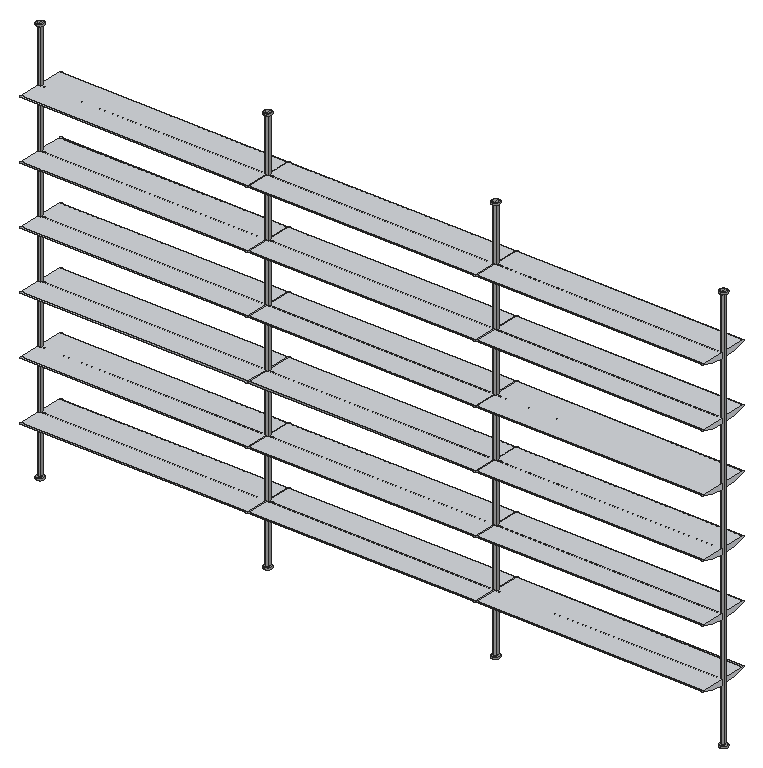
Revit family "Sailor_Composizione_5", category Arredi, Revit 2017
Family settings
  Numero OmniClass = 23.40.20.00
  Titolo OmniClass = General Furniture and Specialties
  Basato su piano di lavoro = No
  Sempre verticale = Sì
  Taglio con vuoti quando caricato = No
  Condiviso = No
  Punto di calcolo locali = No
Parameters
  VisibModulo4 = no
  VisibModulo3 = yes
  VisibModulo2 = yes
  URL = "www.livingdivani.it"
  Produttore = "Living Divani"
  Modello = "Sailor"
  Lunghezza Modulo 3 = 1500 mm
  Lunghezza Modulo 2 = 1500 mm
  Lunghezza Modulo 4 = 900 mm
  Lunghezza Modulo 1 = 1500 mm
Reference planes
  plane 1 "Centro (Fronte/Retro)": y = 0
  plane 2: z = 0
  plane 3 "Centro (Sinistra/Destra)": x = 0
Dimensions and locks
  aligned and locked: level to plane 2
  aligned and locked: nested 2 to nested 1
  aligned and locked: nested 3 to nested 2
  aligned and locked: nested 2 to nested 3
  aligned and locked: nested 4 to nested 3
  aligned and locked: nested 3 to nested 4
Nested families
  nested 1: "Sailor_Modulo_Base" at (0, 0, 0), LunghezzaRipiano <- "Lunghezza Modulo 1", type "Primo Modulo"
    with VisibRipiano6 yes, VisibRipiano5 yes, VisibRipiano4 yes, VisibRipiano3 yes, VisibRipiano2 yes, VisibRipiano1 yes, LunghezzaRipiano 1500 mm
  nested 2: "Sailor_Modulo_Base" at (1500, 0, 0), LunghezzaRipiano <- "Lunghezza Modulo 2", visible <- "VisibModulo2", type "Secondo Modulo"
    with VisibRipiano6 yes, VisibRipiano5 yes, VisibRipiano4 yes, VisibRipiano3 yes, VisibRipiano2 yes, VisibRipiano1 yes, LunghezzaRipiano 1500 mm, PrimaAsta no
  nested 3: "Sailor_Modulo_Base" at (3000, 0, 0), LunghezzaRipiano <- "Lunghezza Modulo 3", visible <- "VisibModulo3", type "Terzo Modulo"
    with VisibRipiano6 yes, VisibRipiano5 yes, VisibRipiano4 yes, VisibRipiano3 yes, VisibRipiano2 yes, VisibRipiano1 yes, LunghezzaRipiano 1500 mm, PrimaAsta no
  nested 4: "Sailor_Modulo_Base" at (4500, 0, 0), LunghezzaRipiano <- "Lunghezza Modulo 4", visible <- "VisibModulo4", type "Quarto Modulo"
    with VisibRipiano6 yes, VisibRipiano5 yes, VisibRipiano4 yes, VisibRipiano3 yes, VisibRipiano2 yes, VisibRipiano1 yes, LunghezzaRipiano 900 mm, PrimaAsta no
Definition of nested family "Sailor_Modulo_Base"
  Parameters (values of type "Sailor_Modulo_Base")
    VisibRipiano6 [instance] = yes
    VisibRipiano5 [instance] = yes
    VisibRipiano4 [instance] = yes
    VisibRipiano3 [instance] = yes
    VisibRipiano1 [instance] = yes
    VisibRipiano2 [instance] = yes
    Ripiano = none
    PrimaAsta = yes
    Aste = none
    LunghezzaRipiano [instance] = 750 mm
  Reference planes
    plane 1 "Centro (Fronte/Retro)": y = 0
    plane 2: z = 0
    plane 3 "Centro (Sinistra/Destra)": x = 0
    plane 4: y = 0
    plane 5 "Lunghezza Ripiano": x = 750
    plane 6 "primo ripiano": z = 383
    plane 7: y = 0
    plane 8: y = 0
    plane 9: y = 0
    plane 10: y = 0
    plane 11: y = 0
  Forms (mm)
    Extrusion 1, solid, material <- "Aste", visible <- "PrimaAsta"
      sketch origin (0, 0, 0) x (1, 0, 0) y (0, 1, 0)
        loop
          line (12.5, 7.217) -> (0, 14.434) -> (-12.5, 7.217) -> (-12.5, -7.217) -> (0, -14.434) -> (12.5, -7.217) -> (12.5, 7.217)
      from 20 to 2670
    Revolve 2, solid, material <- "Aste", visible <- "PrimaAsta"
      sketch origin (0, 0, 0) x (0, 1, 0) y (0, 0, 1)
        loop
          line (0, 20) -> (0, 0) -> (19, 0) -> (20.125, 2.25) -> (25, 2.25) -> (25, 9.915) -> (7.761, 9.915) -> (6.996, 12.974) -> (5, 12.974) -> (5, 14.189) -> (7.229, 20) -> (0, 20)
        axis (0, 0) -> (0, 20)
      angle from 0 to 360
    Revolve 3, solid, material <- "Aste", visible <- "PrimaAsta"
      sketch origin (0, 0, 2690) x (0, 1, 0) y (0, 0, -1)
        loop
          line (0, 20) -> (0, 0) -> (19, 0) -> (20.125, 2.25) -> (25, 2.25) -> (25, 9.915) -> (7.761, 9.915) -> (6.996, 12.974) -> (5, 12.974) -> (5, 14.189) -> (7.229, 20) -> (0, 20)
        axis (0, 0) -> (0, 20)
      angle from 0 to 360
    Extrusion 4, solid, material <- "Ripiano", visible <- "VisibRipiano1"
      sketch origin (0, -315.449, -968.719) x (0, 1, 0) y (0, 0, 1)
        loop
          arc (153.449, 1369.219) -> (150.496, 1366.748) -> (152.408, 1363.405) r 3
          arc (152.408, 1363.405) -> (315.449, 1334.219) -> (478.489, 1363.405) r 469.983
          arc (478.489, 1363.405) -> (480.402, 1366.748) -> (477.449, 1369.219) r 3
          line (477.449, 1369.219) -> (153.449, 1369.219)
        loop
          circle (315.449, 1351.719) r 8
      from 0 to 750 <- "LunghezzaRipiano"
    Extrusion 5, solid, visible <- "PrimaAsta", not visible
      sketch origin (0, 0, 0) x (1, 0, 0) y (0, 1, 0)
        loop
          line (12.5, 7.217) -> (0, 14.434) -> (-12.5, 7.217) -> (-12.5, -7.217) -> (0, -14.434) -> (12.5, -7.217) -> (12.5, 7.217)
      from 20 to 2670
    Revolve 6, solid, visible <- "PrimaAsta", not visible
      sketch origin (0, 0, 0) x (0, 1, 0) y (0, 0, 1)
        loop
          line (0, 20) -> (0, 0) -> (19, 0) -> (20.125, 2.25) -> (25, 2.25) -> (25, 9.915) -> (7.761, 9.915) -> (6.996, 12.974) -> (5, 12.974) -> (5, 14.189) -> (7.229, 20) -> (0, 20)
        axis (0, 0) -> (0, 20)
      angle from 0 to 360
    Revolve 7, solid, visible <- "PrimaAsta", not visible
      sketch origin (0, 0, 2690) x (0, 1, 0) y (0, 0, -1)
        loop
          line (0, 20) -> (0, 0) -> (19, 0) -> (20.125, 2.25) -> (25, 2.25) -> (25, 9.915) -> (7.761, 9.915) -> (6.996, 12.974) -> (5, 12.974) -> (5, 14.189) -> (7.229, 20) -> (0, 20)
        axis (0, 0) -> (0, 20)
      angle from 0 to 360
    Revolve 8, solid, material <- "Aste"
      sketch origin (750, 0, 0) x (0, 1, 0) y (0, 0, 1)
        loop
          line (0, 20) -> (0, 0) -> (19, 0) -> (20.125, 2.25) -> (25, 2.25) -> (25, 9.915) -> (7.761, 9.915) -> (6.996, 12.974) -> (5, 12.974) -> (5, 14.189) -> (7.229, 20) -> (0, 20)
        axis (0, 0) -> (0, 20)
      angle from 0 to 360
    Revolve 9, solid, material <- "Aste"
      sketch origin (750, 0, 2690) x (0, 1, 0) y (0, 0, -1)
        loop
          line (0, 20) -> (0, 0) -> (19, 0) -> (20.125, 2.25) -> (25, 2.25) -> (25, 9.915) -> (7.761, 9.915) -> (6.996, 12.974) -> (5, 12.974) -> (5, 14.189) -> (7.229, 20) -> (0, 20)
        axis (0, 0) -> (0, 20)
      angle from 0 to 360
    Extrusion 10, solid, material <- "Ripiano", visible <- "VisibRipiano2"
      sketch origin (0, -315.449, -583.719) x (0, 1, 0) y (0, 0, 1)
        loop
          arc (153.449, 1369.219) -> (150.496, 1366.748) -> (152.408, 1363.405) r 3
          arc (152.408, 1363.405) -> (315.449, 1334.219) -> (478.489, 1363.405) r 469.983
          arc (478.489, 1363.405) -> (480.402, 1366.748) -> (477.449, 1369.219) r 3
          line (477.449, 1369.219) -> (153.449, 1369.219)
        loop
          circle (315.449, 1351.719) r 8
      from 0 to 750 <- "LunghezzaRipiano"
    Extrusion 11, solid, material <- "Ripiano", visible <- "VisibRipiano3"
      sketch origin (0, -315.449, -198.719) x (0, 1, 0) y (0, 0, 1)
        loop
          arc (153.449, 1369.219) -> (150.496, 1366.748) -> (152.408, 1363.405) r 3
          arc (152.408, 1363.405) -> (315.449, 1334.219) -> (478.489, 1363.405) r 469.983
          arc (478.489, 1363.405) -> (480.402, 1366.748) -> (477.449, 1369.219) r 3
          line (477.449, 1369.219) -> (153.449, 1369.219)
        loop
          circle (315.449, 1351.719) r 8
      from 0 to 750 <- "LunghezzaRipiano"
    Extrusion 12, solid, material <- "Ripiano", visible <- "VisibRipiano4"
      sketch origin (0, -315.449, 186.281) x (0, 1, 0) y (0, 0, 1)
        loop
          arc (153.449, 1369.219) -> (150.496, 1366.748) -> (152.408, 1363.405) r 3
          arc (152.408, 1363.405) -> (315.449, 1334.219) -> (478.489, 1363.405) r 469.983
          arc (478.489, 1363.405) -> (480.402, 1366.748) -> (477.449, 1369.219) r 3
          line (477.449, 1369.219) -> (153.449, 1369.219)
        loop
          circle (315.449, 1351.719) r 8
      from 0 to 750 <- "LunghezzaRipiano"
    Extrusion 13, solid, material <- "Ripiano", visible <- "VisibRipiano5"
      sketch origin (0, -315.449, 571.281) x (0, 1, 0) y (0, 0, 1)
        loop
          arc (153.449, 1369.219) -> (150.496, 1366.748) -> (152.408, 1363.405) r 3
          arc (152.408, 1363.405) -> (315.449, 1334.219) -> (478.489, 1363.405) r 469.983
          arc (478.489, 1363.405) -> (480.402, 1366.748) -> (477.449, 1369.219) r 3
          line (477.449, 1369.219) -> (153.449, 1369.219)
        loop
          circle (315.449, 1351.719) r 8
      from 0 to 750 <- "LunghezzaRipiano"
    Extrusion 14, solid, material <- "Ripiano", visible <- "VisibRipiano6"
      sketch origin (0, -315.449, 956.281) x (0, 1, 0) y (0, 0, 1)
        loop
          arc (153.449, 1369.219) -> (150.496, 1366.748) -> (152.408, 1363.405) r 3
          arc (152.408, 1363.405) -> (315.449, 1334.219) -> (478.489, 1363.405) r 469.983
          arc (478.489, 1363.405) -> (480.402, 1366.748) -> (477.449, 1369.219) r 3
          line (477.449, 1369.219) -> (153.449, 1369.219)
        loop
          circle (315.449, 1351.719) r 8
      from 0 to 750 <- "LunghezzaRipiano"
    Extrusion 15, solid, material <- "Aste"
      sketch origin (750, 0, 0) x (-1, 0, 0) y (0, -1, 0)
        loop
          line (12.5, -7.217) -> (12.5, 7.217) -> (0, 14.434) -> (-12.5, 7.217) -> (-12.5, -7.217) -> (0, -14.434) -> (12.5, -7.217)
      from 20 to 2670
    Extrusion 16, void
      sketch origin (-112.713, -21.581, 0) x (1, 0, 0) y (0, 1, 0)
        loop
          line (112.713, 36.015) -> (112.713, 7.147) -> (125.213, 14.364) -> (125.213, 28.798) -> (112.713, 36.015)
      from 361.476 to 406.494
    Extrusion 17, void
      sketch origin (862.713, -21.581, 0) x (-1, 0, 0) y (0, -1, 0)
        loop
          line (112.713, -36.015) -> (125.213, -28.798) -> (125.213, -14.364) -> (112.713, -7.147) -> (112.713, -36.015)
      from 361.476 to 406.494
    Extrusion 18, void
      sketch origin (-112.713, -21.581, 385.443) x (0, -1, 0) y (1, 0, 0)
        loop
          line (-36.015, 112.713) -> (-7.147, 112.713) -> (-14.364, 125.213) -> (-28.798, 125.213) -> (-36.015, 112.713)
      from 361.476 to 406.494
    Extrusion 19, void
      sketch origin (862.713, -21.581, 385.443) x (0, 1, 0) y (-1, 0, 0)
        loop
          line (36.015, 112.713) -> (28.798, 125.213) -> (14.364, 125.213) -> (7.147, 112.713) -> (36.015, 112.713)
      from 361.476 to 406.494
    Extrusion 20, void
      sketch origin (-112.713, -21.581, 770.443) x (0, -1, 0) y (1, 0, 0)
        loop
          line (-36.015, 112.713) -> (-7.147, 112.713) -> (-14.364, 125.213) -> (-28.798, 125.213) -> (-36.015, 112.713)
      from 361.476 to 406.494
    Extrusion 21, void
      sketch origin (862.713, -21.581, 770.443) x (0, 1, 0) y (-1, 0, 0)
        loop
          line (36.015, 112.713) -> (28.798, 125.213) -> (14.364, 125.213) -> (7.147, 112.713) -> (36.015, 112.713)
      from 361.476 to 406.494
    Extrusion 22, void
      sketch origin (-112.713, -21.581, 1155.443) x (0, -1, 0) y (1, 0, 0)
        loop
          line (-36.015, 112.713) -> (-7.147, 112.713) -> (-14.364, 125.213) -> (-28.798, 125.213) -> (-36.015, 112.713)
      from 361.476 to 406.494
    Extrusion 23, void
      sketch origin (862.713, -21.581, 1155.443) x (0, 1, 0) y (-1, 0, 0)
        loop
          line (36.015, 112.713) -> (28.798, 125.213) -> (14.364, 125.213) -> (7.147, 112.713) -> (36.015, 112.713)
      from 361.476 to 406.494
    Extrusion 24, void
      sketch origin (-112.713, -21.581, 1540.443) x (0, -1, 0) y (1, 0, 0)
        loop
          line (-36.015, 112.713) -> (-7.147, 112.713) -> (-14.364, 125.213) -> (-28.798, 125.213) -> (-36.015, 112.713)
      from 361.476 to 406.494
    Extrusion 25, void
      sketch origin (862.713, -21.581, 1540.443) x (0, 1, 0) y (-1, 0, 0)
        loop
          line (36.015, 112.713) -> (28.798, 125.213) -> (14.364, 125.213) -> (7.147, 112.713) -> (36.015, 112.713)
      from 361.476 to 406.494
    Extrusion 26, void
      sketch origin (-112.713, -21.581, 1925.443) x (0, -1, 0) y (1, 0, 0)
        loop
          line (-36.015, 112.713) -> (-7.147, 112.713) -> (-14.364, 125.213) -> (-28.798, 125.213) -> (-36.015, 112.713)
      from 361.476 to 406.494
    Extrusion 27, void
      sketch origin (862.713, -21.581, 1925.443) x (0, 1, 0) y (-1, 0, 0)
        loop
          line (36.015, 112.713) -> (28.798, 125.213) -> (14.364, 125.213) -> (7.147, 112.713) -> (36.015, 112.713)
      from 361.476 to 406.494
  Cuts and joins
    Extrusion 16, Extrusion 17, Extrusion 18, Extrusion 19 cuts Extrusion 4
    Extrusion 16, Extrusion 17, Extrusion 26, Extrusion 27 cuts Extrusion 14
    Extrusion 17 cuts Extrusion 1
    Extrusion 18, Extrusion 19, Extrusion 20 cuts Extrusion 10
    Extrusion 20, Extrusion 21, Extrusion 22 cuts Extrusion 11
    Extrusion 22, Extrusion 23, Extrusion 24 cuts Extrusion 12
    Extrusion 24, Extrusion 25, Extrusion 26 cuts Extrusion 13
  Dimensions and locks
    equal spacing: Extrusion 4 sketch curve, plane 4, Extrusion 4 sketch curve, locked at 165 each
    "LunghezzaRipiano": plane 3 "Centro (Sinistra/Destra)" to plane 5 "Lunghezza Ripiano"
    plane 6 "primo ripiano" to level = 383 mm
    equal spacing: Extrusion 10 sketch curve, plane 7, Extrusion 10 sketch curve, locked at 165 each
    Extrusion 10 to plane 6 "primo ripiano" = 385 mm
    equal spacing: Extrusion 11 sketch curve, plane 8, Extrusion 11 sketch curve, locked at 165 each
    equal spacing: Extrusion 12 sketch curve, plane 9, Extrusion 12 sketch curve, locked at 165 each
    equal spacing: Extrusion 13 sketch curve, plane 10, Extrusion 13 sketch curve, locked at 165 each
    equal spacing: Extrusion 14 sketch curve, plane 11, Extrusion 14 sketch curve, locked at 165 each
    aligned and locked: level to plane 2
    aligned and locked: Extrusion 1 to Revolve 2
    aligned and locked: Extrusion 1 to Revolve 3
    aligned and locked: plane 4 to plane 1 "Centro (Fronte/Retro)"
    aligned and locked: plane 5 "Lunghezza Ripiano" to Revolve 9
    aligned and locked: plane 6 "primo ripiano" to Extrusion 4
    aligned and locked: Extrusion 15 to plane 5 "Lunghezza Ripiano"
    aligned and locked: cut or joined group of Extrusion 14, Extrusion 16, Extrusion 17, Extrusion 26, Extrusion 27 to cut or joined group of Extrusion 4, Extrusion 16, Extrusion 17, Extrusion 18, Extrusion 19  (x2)
    aligned and locked: plane 5 "Lunghezza Ripiano" to Revolve 8
  Automatic sketch dimensions
    Extrusion 5 sketch curve to Extrusion 5 sketch curve = 7.217 mm  (x4)
    Revolve 6 sketch curve to Revolve 6 sketch curve = 1.996 mm
    Revolve 6 sketch curve to Revolve 6 sketch curve = 2.229 mm
    Revolve 6 sketch curve to Revolve 6 sketch curve = 0.765 mm
    Revolve 6 sketch curve to Revolve 6 sketch curve = 11.239 mm
    Revolve 6 sketch curve to Revolve 6 sketch curve = 1.125 mm
    Revolve 6 sketch curve to Revolve 6 sketch curve = 4.875 mm
    Revolve 6 sketch curve to Revolve 6 sketch curve = 3.059 mm
    Revolve 6 sketch curve to Revolve 6 sketch curve = 1.216 mm
    Revolve 6 sketch curve to Revolve 6 sketch curve = 5.811 mm
    Revolve 6 sketch curve to Revolve 6 sketch curve = 2780 mm
    Revolve 7 sketch curve to Revolve 7 sketch curve = 1.996 mm
    Revolve 7 sketch curve to Revolve 7 sketch curve = 2.229 mm
    Revolve 7 sketch curve to Revolve 7 sketch curve = 0.765 mm
    Revolve 7 sketch curve to Revolve 7 sketch curve = 11.239 mm
    Revolve 7 sketch curve to Revolve 7 sketch curve = 1.125 mm
    Revolve 7 sketch curve to Revolve 7 sketch curve = 4.875 mm
    Revolve 7 sketch curve to Revolve 7 sketch curve = 2.25 mm
    Revolve 7 sketch curve to Revolve 7 sketch curve = 9.915 mm
    Revolve 7 sketch curve to Revolve 7 sketch curve = 3.059 mm
    Revolve 7 sketch curve to Revolve 7 sketch curve = 1.216 mm
    Revolve 7 sketch curve to Revolve 7 sketch curve = 5.811 mm
    Revolve 7 sketch curve to Revolve 7 sketch curve = 0 mm  (x2)
    Extrusion 5 sketch curve to Extrusion 5 sketch curve = 12.5 mm  (x3)
    Extrusion 5 sketch curve to Extrusion 5 sketch curve = 14.434 mm
    Revolve 6 sketch curve to Revolve 6 sketch curve = 5 mm
    Revolve 6 sketch curve to Revolve 6 sketch curve = 2.25 mm
    Revolve 6 sketch curve to Revolve 6 sketch curve = 9.915 mm
    Revolve 6 sketch curve to Revolve 6 sketch curve = 0 mm  (x2)
    Revolve 7 sketch curve to Revolve 7 sketch curve = 5 mm
    Revolve 7 sketch curve to Revolve 7 sketch curve = 2780 mm
    Extrusion 1 sketch curve to plane 3 "Centro (Sinistra/Destra)" = 0 mm  (x2)
    Extrusion 1 sketch curve to plane 3 "Centro (Sinistra/Destra)" = 12.5 mm
    plane 3 "Centro (Sinistra/Destra)" to Extrusion 1 sketch curve = 12.5 mm
    plane 1 "Centro (Fronte/Retro)" to Extrusion 1 sketch curve = 14.434 mm
    plane 1 "Centro (Fronte/Retro)" to Extrusion 1 sketch curve = 7.217 mm  (x2)
    Extrusion 1 sketch curve to plane 1 "Centro (Fronte/Retro)" = 7.217 mm  (x2)
    Extrusion 1 sketch curve to Extrusion 1 sketch curve = 7.217 mm
    Revolve 2 sketch curve to level = 0 mm  (x2)
    Revolve 2 sketch curve to plane 1 "Centro (Fronte/Retro)" = 0 mm  (x2)
    Revolve 2 sketch curve to plane 1 "Centro (Fronte/Retro)" = 5 mm
    Revolve 2 sketch curve to Revolve 2 sketch curve = 1.996 mm
    Revolve 2 sketch curve to Revolve 2 sketch curve = 2.229 mm
    Revolve 2 sketch curve to Revolve 2 sketch curve = 0.765 mm
    Revolve 2 sketch curve to Revolve 2 sketch curve = 11.239 mm
    level to Revolve 2 sketch curve = 2.25 mm
    Revolve 2 sketch curve to Revolve 2 sketch curve = 1.125 mm
    Revolve 2 sketch curve to Revolve 2 sketch curve = 4.875 mm
    level to Revolve 2 sketch curve = 9.915 mm
    Revolve 2 sketch curve to Revolve 2 sketch curve = 3.059 mm
    Revolve 2 sketch curve to Revolve 2 sketch curve = 1.216 mm
    Revolve 2 sketch curve to Revolve 2 sketch curve = 5.811 mm
    plane 6 "primo ripiano" to Revolve 2 sketch curve = 2417 mm
    Revolve 3 sketch curve to plane 1 "Centro (Fronte/Retro)" = 0 mm  (x2)
    plane 1 "Centro (Fronte/Retro)" to Revolve 3 sketch curve = 5 mm
    Revolve 3 sketch curve to Revolve 3 sketch curve = 1.996 mm
    Revolve 3 sketch curve to Revolve 3 sketch curve = 2.229 mm
    Revolve 3 sketch curve to Revolve 3 sketch curve = 0.765 mm
    Revolve 3 sketch curve to Revolve 3 sketch curve = 11.239 mm
    Revolve 3 sketch curve to Revolve 3 sketch curve = 1.125 mm
    Revolve 3 sketch curve to Revolve 3 sketch curve = 4.875 mm
    Revolve 3 sketch curve to plane 6 "primo ripiano" = 2307 mm
    Revolve 3 sketch curve to Revolve 3 sketch curve = 2.25 mm
    Revolve 3 sketch curve to Revolve 3 sketch curve = 9.915 mm
    Revolve 3 sketch curve to Revolve 3 sketch curve = 3.059 mm
    Revolve 3 sketch curve to Revolve 3 sketch curve = 1.216 mm
    Revolve 3 sketch curve to Revolve 3 sketch curve = 5.811 mm
    Revolve 3 sketch curve to Revolve 3 sketch curve = 0 mm
    level to Revolve 3 sketch curve = 110 mm
    Extrusion 4 sketch curve to plane 1 "Centro (Fronte/Retro)" = 0 mm  (x2)
    Extrusion 4 sketch curve to plane 6 "primo ripiano" = 0 mm
    plane 6 "primo ripiano" to Extrusion 4 sketch curve = 17.5 mm
    plane 1 "Centro (Fronte/Retro)" to Extrusion 4 sketch curve = 162 mm
    Extrusion 4 sketch curve to plane 1 "Centro (Fronte/Retro)" = 162 mm
    Extrusion 4 sketch curve to Extrusion 4 sketch curve = 3 mm
    Extrusion 4 sketch curve to Extrusion 4 sketch curve = 452.483 mm
    Extrusion 4 sketch curve to Extrusion 4 sketch curve = 0 mm
    Revolve 8 sketch curve to level = 0 mm  (x2)
    Revolve 8 sketch curve to plane 1 "Centro (Fronte/Retro)" = 0 mm  (x2)
    Revolve 8 sketch curve to plane 1 "Centro (Fronte/Retro)" = 5 mm
    Revolve 8 sketch curve to Revolve 8 sketch curve = 1.996 mm
    Revolve 8 sketch curve to Revolve 8 sketch curve = 2.229 mm
    Revolve 8 sketch curve to Revolve 8 sketch curve = 0.765 mm
    Revolve 8 sketch curve to Revolve 8 sketch curve = 11.239 mm
    level to Revolve 8 sketch curve = 2.25 mm
    Revolve 8 sketch curve to Revolve 8 sketch curve = 1.125 mm
    Revolve 8 sketch curve to Revolve 8 sketch curve = 4.875 mm
    level to Revolve 8 sketch curve = 9.915 mm
    Revolve 8 sketch curve to Revolve 8 sketch curve = 3.059 mm
    Revolve 8 sketch curve to Revolve 8 sketch curve = 1.216 mm
    Revolve 8 sketch curve to Revolve 8 sketch curve = 5.811 mm
    plane 6 "primo ripiano" to Revolve 8 sketch curve = 2417 mm
    Revolve 9 sketch curve to plane 1 "Centro (Fronte/Retro)" = 0 mm  (x2)
    plane 1 "Centro (Fronte/Retro)" to Revolve 9 sketch curve = 5 mm
    Revolve 9 sketch curve to Revolve 9 sketch curve = 1.996 mm
    Revolve 9 sketch curve to Revolve 9 sketch curve = 2.229 mm
    Revolve 9 sketch curve to Revolve 9 sketch curve = 0.765 mm
    Revolve 9 sketch curve to Revolve 9 sketch curve = 11.239 mm
    Revolve 9 sketch curve to Revolve 9 sketch curve = 1.125 mm
    Revolve 9 sketch curve to Revolve 9 sketch curve = 4.875 mm
    Revolve 9 sketch curve to plane 6 "primo ripiano" = 2307 mm
    Revolve 9 sketch curve to Revolve 9 sketch curve = 2.25 mm
    Revolve 9 sketch curve to Revolve 9 sketch curve = 9.915 mm
    Revolve 9 sketch curve to Revolve 9 sketch curve = 3.059 mm
    Revolve 9 sketch curve to Revolve 9 sketch curve = 1.216 mm
    Revolve 9 sketch curve to Revolve 9 sketch curve = 5.811 mm
    Revolve 9 sketch curve to Revolve 9 sketch curve = 0 mm
    level to Revolve 9 sketch curve = 110 mm
    Extrusion 10 sketch curve to plane 1 "Centro (Fronte/Retro)" = 0 mm  (x2)
    plane 1 "Centro (Fronte/Retro)" to Extrusion 10 sketch curve = 162 mm
    Extrusion 10 sketch curve to plane 1 "Centro (Fronte/Retro)" = 162 mm
    plane 6 "primo ripiano" to Extrusion 10 sketch curve = 385 mm
    Extrusion 10 sketch curve to Extrusion 10 sketch curve = 14.5 mm
    Extrusion 10 sketch curve to Extrusion 10 sketch curve = 3 mm
    Extrusion 10 sketch curve to Extrusion 10 sketch curve = 452.483 mm
    Extrusion 10 sketch curve to Extrusion 10 sketch curve = 0 mm
    Extrusion 11 sketch curve to plane 1 "Centro (Fronte/Retro)" = 0 mm  (x2)
    plane 1 "Centro (Fronte/Retro)" to Extrusion 11 sketch curve = 162 mm
    Extrusion 11 sketch curve to plane 1 "Centro (Fronte/Retro)" = 162 mm
    plane 6 "primo ripiano" to Extrusion 11 sketch curve = 770 mm
    Extrusion 11 sketch curve to Extrusion 11 sketch curve = 14.5 mm
    Extrusion 11 sketch curve to Extrusion 11 sketch curve = 3 mm
    Extrusion 11 sketch curve to Extrusion 11 sketch curve = 452.483 mm
    Extrusion 11 sketch curve to Extrusion 11 sketch curve = 0 mm
    Extrusion 12 sketch curve to plane 1 "Centro (Fronte/Retro)" = 0 mm  (x2)
    plane 1 "Centro (Fronte/Retro)" to Extrusion 12 sketch curve = 162 mm
    Extrusion 12 sketch curve to plane 1 "Centro (Fronte/Retro)" = 162 mm
    plane 6 "primo ripiano" to Extrusion 12 sketch curve = 1155 mm
    Extrusion 12 sketch curve to Extrusion 12 sketch curve = 14.5 mm
    Extrusion 12 sketch curve to Extrusion 12 sketch curve = 3 mm
    Extrusion 12 sketch curve to Extrusion 12 sketch curve = 452.483 mm
    Extrusion 12 sketch curve to Extrusion 12 sketch curve = 0 mm
    Extrusion 13 sketch curve to plane 1 "Centro (Fronte/Retro)" = 0 mm  (x2)
    plane 1 "Centro (Fronte/Retro)" to Extrusion 13 sketch curve = 162 mm
    Extrusion 13 sketch curve to plane 1 "Centro (Fronte/Retro)" = 162 mm
    plane 6 "primo ripiano" to Extrusion 13 sketch curve = 1540 mm
    Extrusion 13 sketch curve to Extrusion 13 sketch curve = 14.5 mm
    Extrusion 13 sketch curve to Extrusion 13 sketch curve = 3 mm
    Extrusion 13 sketch curve to Extrusion 13 sketch curve = 452.483 mm
    Extrusion 13 sketch curve to Extrusion 13 sketch curve = 0 mm
    Extrusion 14 sketch curve to plane 1 "Centro (Fronte/Retro)" = 0 mm  (x2)
    plane 1 "Centro (Fronte/Retro)" to Extrusion 14 sketch curve = 162 mm
    Extrusion 14 sketch curve to plane 1 "Centro (Fronte/Retro)" = 162 mm
    plane 6 "primo ripiano" to Extrusion 14 sketch curve = 1925 mm
    Extrusion 14 sketch curve to Extrusion 14 sketch curve = 14.5 mm
    Extrusion 14 sketch curve to Extrusion 14 sketch curve = 3 mm
    Extrusion 14 sketch curve to Extrusion 14 sketch curve = 452.483 mm
    Extrusion 14 sketch curve to Extrusion 14 sketch curve = 0 mm
    Extrusion 15 sketch curve to plane 5 "Lunghezza Ripiano" = 0 mm  (x2)
    plane 5 "Lunghezza Ripiano" to Extrusion 15 sketch curve = 12.5 mm
    Extrusion 15 sketch curve to plane 5 "Lunghezza Ripiano" = 12.5 mm
    Extrusion 15 sketch curve to plane 1 "Centro (Fronte/Retro)" = 14.434 mm
    Extrusion 15 sketch curve to plane 1 "Centro (Fronte/Retro)" = 7.217 mm  (x2)
    plane 1 "Centro (Fronte/Retro)" to Extrusion 15 sketch curve = 7.217 mm  (x2)
    Extrusion 15 sketch curve to Extrusion 15 sketch curve = 7.217 mm
    Extrusion 16 sketch curve to plane 3 "Centro (Sinistra/Destra)" = 0 mm
    plane 3 "Centro (Sinistra/Destra)" to Extrusion 16 sketch curve = 12.5 mm
    plane 1 "Centro (Fronte/Retro)" to Extrusion 16 sketch curve = 14.434 mm
    plane 1 "Centro (Fronte/Retro)" to Extrusion 16 sketch curve = 7.217 mm
    Extrusion 16 sketch curve to plane 1 "Centro (Fronte/Retro)" = 7.217 mm
    Extrusion 16 sketch curve to Extrusion 16 sketch curve = 7.217 mm
    plane 5 "Lunghezza Ripiano" to Extrusion 17 sketch curve = 0 mm
    plane 5 "Lunghezza Ripiano" to Extrusion 17 sketch curve = 12.5 mm
    Extrusion 17 sketch curve to plane 1 "Centro (Fronte/Retro)" = 14.434 mm
    Extrusion 17 sketch curve to plane 1 "Centro (Fronte/Retro)" = 7.217 mm
    plane 1 "Centro (Fronte/Retro)" to Extrusion 17 sketch curve = 7.217 mm
    plane 1 "Centro (Fronte/Retro)" to Extrusion 17 sketch curve = 14.434 mm
    Extrusion 18 sketch curve to plane 3 "Centro (Sinistra/Destra)" = 0 mm
    Extrusion 18 sketch curve to plane 1 "Centro (Fronte/Retro)" = 14.434 mm
    Extrusion 18 sketch curve to plane 1 "Centro (Fronte/Retro)" = 7.217 mm
    plane 1 "Centro (Fronte/Retro)" to Extrusion 18 sketch curve = 7.217 mm
    Extrusion 18 sketch curve to Extrusion 18 sketch curve = 7.217 mm
    plane 3 "Centro (Sinistra/Destra)" to Extrusion 18 sketch curve = 12.5 mm
    Extrusion 19 sketch curve to plane 5 "Lunghezza Ripiano" = 0 mm
    plane 1 "Centro (Fronte/Retro)" to Extrusion 19 sketch curve = 14.434 mm
    plane 1 "Centro (Fronte/Retro)" to Extrusion 19 sketch curve = 7.217 mm
    Extrusion 19 sketch curve to plane 1 "Centro (Fronte/Retro)" = 7.217 mm
    Extrusion 19 sketch curve to plane 1 "Centro (Fronte/Retro)" = 14.434 mm
    Extrusion 19 sketch curve to plane 5 "Lunghezza Ripiano" = 12.5 mm
    Extrusion 20 sketch curve to plane 3 "Centro (Sinistra/Destra)" = 0 mm
    Extrusion 20 sketch curve to plane 1 "Centro (Fronte/Retro)" = 14.434 mm
    Extrusion 20 sketch curve to plane 1 "Centro (Fronte/Retro)" = 7.217 mm
    plane 1 "Centro (Fronte/Retro)" to Extrusion 20 sketch curve = 7.217 mm
    Extrusion 20 sketch curve to Extrusion 20 sketch curve = 7.217 mm
    plane 3 "Centro (Sinistra/Destra)" to Extrusion 20 sketch curve = 12.5 mm
    Extrusion 21 sketch curve to plane 5 "Lunghezza Ripiano" = 0 mm
    plane 1 "Centro (Fronte/Retro)" to Extrusion 21 sketch curve = 14.434 mm
    plane 1 "Centro (Fronte/Retro)" to Extrusion 21 sketch curve = 7.217 mm
    Extrusion 21 sketch curve to plane 1 "Centro (Fronte/Retro)" = 7.217 mm
    Extrusion 21 sketch curve to plane 1 "Centro (Fronte/Retro)" = 14.434 mm
    Extrusion 21 sketch curve to plane 5 "Lunghezza Ripiano" = 12.5 mm
    Extrusion 22 sketch curve to plane 3 "Centro (Sinistra/Destra)" = 0 mm
    Extrusion 22 sketch curve to plane 1 "Centro (Fronte/Retro)" = 14.434 mm
    Extrusion 22 sketch curve to plane 1 "Centro (Fronte/Retro)" = 7.217 mm
    plane 1 "Centro (Fronte/Retro)" to Extrusion 22 sketch curve = 7.217 mm
    Extrusion 22 sketch curve to Extrusion 22 sketch curve = 7.217 mm
    plane 3 "Centro (Sinistra/Destra)" to Extrusion 22 sketch curve = 12.5 mm
    Extrusion 23 sketch curve to plane 5 "Lunghezza Ripiano" = 0 mm
    plane 1 "Centro (Fronte/Retro)" to Extrusion 23 sketch curve = 14.434 mm
    plane 1 "Centro (Fronte/Retro)" to Extrusion 23 sketch curve = 7.217 mm
    Extrusion 23 sketch curve to plane 1 "Centro (Fronte/Retro)" = 7.217 mm
    Extrusion 23 sketch curve to plane 1 "Centro (Fronte/Retro)" = 14.434 mm
    Extrusion 23 sketch curve to plane 5 "Lunghezza Ripiano" = 12.5 mm
    Extrusion 24 sketch curve to plane 3 "Centro (Sinistra/Destra)" = 0 mm
    Extrusion 24 sketch curve to plane 1 "Centro (Fronte/Retro)" = 14.434 mm
    Extrusion 24 sketch curve to plane 1 "Centro (Fronte/Retro)" = 7.217 mm
    plane 1 "Centro (Fronte/Retro)" to Extrusion 24 sketch curve = 7.217 mm
    Extrusion 24 sketch curve to Extrusion 24 sketch curve = 7.217 mm
    plane 3 "Centro (Sinistra/Destra)" to Extrusion 24 sketch curve = 12.5 mm
    Extrusion 25 sketch curve to plane 5 "Lunghezza Ripiano" = 0 mm
    plane 1 "Centro (Fronte/Retro)" to Extrusion 25 sketch curve = 14.434 mm
    plane 1 "Centro (Fronte/Retro)" to Extrusion 25 sketch curve = 7.217 mm
    Extrusion 25 sketch curve to plane 1 "Centro (Fronte/Retro)" = 7.217 mm
    Extrusion 25 sketch curve to plane 1 "Centro (Fronte/Retro)" = 14.434 mm
    Extrusion 25 sketch curve to plane 5 "Lunghezza Ripiano" = 12.5 mm
    Extrusion 26 sketch curve to plane 3 "Centro (Sinistra/Destra)" = 0 mm
    Extrusion 26 sketch curve to plane 1 "Centro (Fronte/Retro)" = 14.434 mm
    Extrusion 26 sketch curve to plane 1 "Centro (Fronte/Retro)" = 7.217 mm
    plane 1 "Centro (Fronte/Retro)" to Extrusion 26 sketch curve = 7.217 mm
    Extrusion 26 sketch curve to Extrusion 26 sketch curve = 7.217 mm
    plane 3 "Centro (Sinistra/Destra)" to Extrusion 26 sketch curve = 12.5 mm
    Extrusion 27 sketch curve to plane 5 "Lunghezza Ripiano" = 0 mm
    plane 1 "Centro (Fronte/Retro)" to Extrusion 27 sketch curve = 14.434 mm
    plane 1 "Centro (Fronte/Retro)" to Extrusion 27 sketch curve = 7.217 mm
    Extrusion 27 sketch curve to plane 1 "Centro (Fronte/Retro)" = 7.217 mm
    Extrusion 27 sketch curve to plane 1 "Centro (Fronte/Retro)" = 14.434 mm
    Extrusion 27 sketch curve to plane 5 "Lunghezza Ripiano" = 12.5 mm
    radius of Extrusion 4 sketch curve = 8 mm
    radius of Extrusion 10 sketch curve = 8 mm
    radius of Extrusion 11 sketch curve = 8 mm
    radius of Extrusion 12 sketch curve = 8 mm
    radius of Extrusion 13 sketch curve = 8 mm
    radius of Extrusion 14 sketch curve = 8 mm
